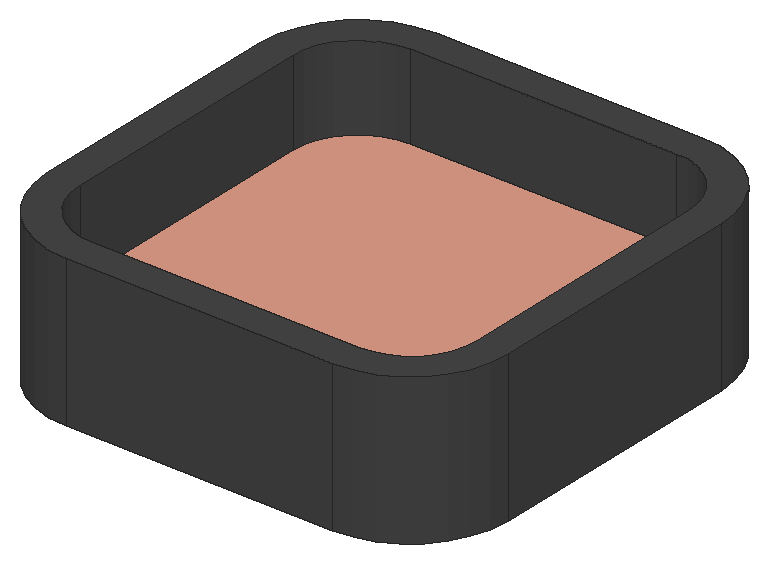
Revit family "VISS SQUARE LED LIGHT", category Lighting Fixtures, host Face, Revit 2020 (continued)
Types (65): name | Wattage Comments | Wattage | built-in parameter 1150134 | Surface Mount | Surface Acoustic Body | Photometric Web File | Order number | built-in parameter 1150142 | Model | built-in parameter 1150105 | Lumens | built-in parameter 1150107 | built-in parameter 1150106 | H1 | Fixture Width | Finish/Color | B2 | B1 | Apparent Load | Aircraft Cable Pendant Mount | Acoustic Body
  VSI-S-5032-40901-SMK-BK | "50 W" | 23.5624 W | 12 | yes | no | "VSI-S-5032-40901.IES" | "17640" | "IESNA:LM-63-2002\r\n[TEST] \r\n[DATE] 2019-08-21\r\n[MANUFAC] Aboveall lighting\r\n[LUMCAT] \r\n[LUMINAIRE] VSI-S-5032-40901\r\n[LAMPCAT] \r\n[LAMP] SAMSUNG 2835 4000K\r\nTILT=NONE\r\n1 4307.5 1.35 91 13 1 2 0.8 0.8 0.088 \r\n1 1 52.5\r\n0. 1. 2. 3. 4. 5. 6. 7. 8. 9. 10. 11. 12. 13. 14. 15. 16. 17. 18. 19. 20. 21. 22. 23. 24. 25. 26. 27. 28. 29. 30. 31. 32. 33. 34. 35. 36. 37. 38. 39. 40. 41. 42. 43. 44. 45. 46. 47. 48. 49. 50. 51. 52. 53. 54. 55. 56. 57. 58. 59. 60. 61. 62. 63. 64. 65. 66. 67. 68. 69. 70. 71. 72. 73. 74. 75. 76. 77. 78. 79. 80. 81. 82. 83. 84. 85. 86. 87. 88. 89. 90. \r\n0. 30. 60. 90. 120. 150. 180. 210. 240. 270. 300. 330. 360. \r\n856.032 858.511 858.865 858.865 858.511 857.803 857.448 856.032 854.97 853.554 852.138 851.076 848.598 846.12 842.933 841.163 839.393 835.853 833.729 829.835 825.232 822.754 817.444 812.133 808.947 803.283 800.096 793.016 786.29 782.749 776.023 768.942 765.402 757.259 749.117 744.869 736.372 727.521 722.919 713.714 709.112 699.553 689.995 680.082 675.48 669.815 659.549 654.238 643.617 634.059 628.04 617.42 612.109 595.824 590.514 585.203 574.228 568.918 557.589 546.615 540.95 530.329 519.001 513.336 501.299 489.617 483.244 470.499 449.612 449.612 433.681 416.333 406.775 387.303 376.329 351.193 333.81 293.062 248.384 225.762 181.367 158.745 75.691 70.911 52.148 21.454 11.4 1.912 2.018 2.195 2.372 \r\n856.032 854.262 854.616 854.97 854.97 854.616 854.262 853.554 852.492 851.784 850.014 848.598 847.536 845.058 842.579 841.517 838.331 835.499 833.375 829.481 825.586 823.108 818.506 816.382 811.425 808.593 802.929 797.264 794.078 787.706 784.873 776.023 775.315 764.694 760.8 756.905 749.117 745.223 736.372 728.229 723.627 714.776 705.926 701.677 692.473 682.914 677.958 668.399 658.486 653.176 643.263 632.643 627.686 617.066 611.755 601.134 589.452 584.141 572.812 567.148 555.819 549.801 538.118 526.081 519.709 507.318 500.591 487.138 472.977 465.189 440.761 440.761 422.706 402.172 390.844 365.0 337.917 322.835 287.752 245.977 224.133 180.199 136.512 76.363 73.92 39.863 27.295 10.125 0.46 0.425 0.425 \r\n856.032 854.616 854.616 854.616 854.262 853.908 853.2 852.846 852.138 851.43 850.014 848.244 847.182 845.058 843.642 840.809 839.039 835.853 832.313 830.189 826.648 824.17 819.922 817.444 812.487 807.177 804.345 798.68 792.308 789.122 782.749 775.669 772.482 765.048 757.613 753.719 746.285 737.788 733.54 724.689 715.838 711.59 702.386 698.137 688.933 684.33 674.772 665.213 659.903 649.99 644.68 639.369 623.438 618.482 607.861 602.551 591.576 579.539 573.875 562.9 557.235 545.552 533.516 527.851 515.814 503.778 497.405 484.306 470.853 465.897 449.612 433.681 433.681 405.713 395.092 372.08 346.732 331.332 301.027 282.972 243.498 201.511 180.517 140.088 121.147 102.03 47.723 47.723 3.257 0.602 0.46 \r\n856.032 854.97 854.616 853.554 852.846 852.138 851.076 849.306 847.536 846.474 844.35 842.933 839.747 836.207 834.791 830.897 828.772 824.878 820.276 817.798 812.487 806.823 803.991 798.326 791.6 784.873 776.023 774.961 771.42 763.986 756.197 751.949 743.806 739.558 730.353 725.751 716.901 707.342 702.74 693.181 688.225 678.312 668.399 663.089 653.176 647.866 631.935 626.27 620.96 609.631 604.321 592.284 580.955 575.645 564.316 552.633 535.994 535.994 524.665 519.001 508.026 496.697 491.033 479.704 473.685 462.003 449.966 443.593 430.14 415.625 406.775 389.782 380.577 361.46 351.193 325.42 269.413 269.413 227.532 206.609 166.25 146.637 77.0 72.717 56.184 14.019 5.381 0.46 0.425 0.425 0.46 \r\n856.032 856.386 856.032 854.97 854.262 853.554 852.492 850.368 850.014 847.89 846.474 844.35 841.517 840.455 837.269 833.375 831.605 827.356 823.108 821.338 816.382 811.425 808.593 803.283 797.618 794.432 791.246 784.165 777.793 770.712 766.818 759.738 751.595 748.409 744.161 736.018 727.167 722.919 718.671 705.218 700.615 691.411 686.454 676.896 666.275 661.673 651.76 646.804 636.183 630.518 620.606 609.985 598.656 593.7 582.371 571.396 565.732 554.403 542.366 537.056 525.019 512.982 506.964 493.865 487.492 475.102 468.375 465.897 442.885 435.805 420.582 412.439 395.446 375.975 365.708 343.05 330.978 304.638 290.194 256.172 217.478 197.086 155.028 117.182 99.729 64.999 46.625 46.625 0.814 0.566 0.46 \r\n856.032 856.032 854.97 853.908 853.2 851.43 849.306 848.244 846.12 842.933 841.871 838.331 837.269 833.375 829.481 827.002 822.754 820.63 815.674 811.071 808.593 802.929 800.096 794.078 787.706 784.165 776.023 774.961 767.526 764.34 756.197 748.409 744.515 732.124 727.875 723.627 714.776 705.926 701.323 691.765 682.56 677.604 668.045 658.132 653.176 643.263 632.643 626.978 616.357 610.693 600.072 589.098 583.433 572.812 567.148 555.819 550.155 538.826 533.162 521.479 509.796 503.778 491.741 485.368 472.977 459.878 452.09 438.283 423.414 407.837 399.694 381.639 361.814 351.228 328.11 315.507 287.645 253.34 234.223 194.678 175.065 136.547 117.926 76.257 46.448 30.977 7.753 0.46 0.425 0.425 0.46 \r\n856.032 858.157 857.448 856.74 856.032 854.616 853.908 852.846 850.722 849.66 846.828 845.766 842.933 839.747 837.977 834.437 832.667 828.772 824.524 822.046 817.09 814.611 808.947 803.283 800.45 794.078 790.892 784.165 780.625 773.545 766.11 761.862 753.719 749.471 741.328 732.832 728.229 719.379 709.82 700.615 695.305 686.1 676.188 671.231 660.965 655.654 645.033 634.413 629.102 617.774 612.109 601.134 590.16 584.495 573.166 567.856 556.881 550.863 539.888 528.205 522.895 511.566 505.548 493.865 482.536 476.872 466.251 454.568 448.55 436.513 423.768 417.041 403.234 387.657 379.515 362.168 362.168 333.775 322.694 307.081 252.243 212.203 192.059 153.116 135.061 116.439 58.343 47.864 9.205 0.566 0.46 \r\n856.032 853.2 852.846 851.784 850.368 850.014 848.244 847.182 845.058 842.933 841.871 839.393 837.623 834.437 830.897 829.126 825.586 823.108 821.338 814.257 811.425 806.469 801.158 798.326 792.662 789.476 783.103 776.731 770.004 766.464 759.03 755.489 747.701 740.266 736.018 727.875 723.273 715.13 705.572 700.969 692.473 687.871 678.312 668.753 663.797 653.884 648.928 638.661 633.705 623.792 613.171 607.861 596.886 586.265 581.309 570.334 558.297 552.633 541.304 529.267 523.603 511.92 499.883 493.511 480.766 475.102 465.897 449.966 442.531 428.016 420.228 403.588 385.533 375.975 354.025 342.979 319.189 306.125 277.237 241.339 222.115 182.394 162.639 124.758 89.25 71.867 47.581 14.657 2.124 2.053 2.053 \r\n856.032 853.554 852.846 852.138 851.43 850.014 849.306 847.182 845.412 843.996 841.871 839.747 837.269 834.437 832.313 828.772 827.002 822.4 820.276 815.674 811.071 808.239 802.929 800.096 794.432 788.06 784.873 776.377 776.023 768.942 761.862 757.967 750.179 742.744 734.602 730.353 721.149 716.901 708.404 698.845 694.243 684.684 674.772 669.815 659.549 654.592 644.325 639.015 628.394 617.774 612.109 601.134 595.824 584.849 572.812 567.502 556.527 551.217 534.224 534.224 522.895 511.566 505.548 493.511 480.766 474.393 460.941 446.426 438.637 422.706 404.651 394.738 372.434 350.06 337.315 310.586 296.213 263.607 224.947 204.839 165.046 145.681 76.611 72.611 56.184 29.242 18.338 2.691 1.77 1.912 2.053 \r\n856.032 855.324 855.324 855.324 854.97 854.616 853.554 853.554 852.138 850.722 849.66 847.89 846.12 844.704 842.579 839.747 837.623 834.083 830.543 828.418 824.17 821.692 816.736 813.903 808.593 802.929 800.096 793.37 790.184 783.811 776.731 773.545 765.756 761.508 753.719 745.577 741.328 732.478 727.875 719.025 709.112 704.51 694.597 683.622 678.666 668.399 657.424 652.468 641.493 630.872 625.208 614.233 608.569 597.948 586.619 581.309 571.042 565.378 554.403 543.782 537.41 531.746 521.125 509.796 498.821 493.511 482.182 476.164 465.897 465.897 446.426 432.264 424.476 408.191 390.49 380.931 359.689 333.067 316.392 277.449 232.807 211.636 170.463 131.202 112.226 76.611 76.611 48.324 9.346 1.912 2.018 \r\n856.032 856.386 856.74 856.74 856.74 856.032 855.324 854.97 853.908 852.492 851.784 849.66 847.536 846.12 843.642 840.455 839.039 835.853 831.959 829.835 825.586 820.984 818.86 813.549 810.717 805.407 802.575 796.556 790.538 787.352 776.023 773.899 770.358 763.278 759.738 751.595 747.347 739.558 735.31 726.813 717.609 713.36 704.156 694.243 689.641 679.728 669.815 664.505 653.884 643.617 637.599 626.624 615.649 610.339 599.01 588.035 582.725 571.75 566.086 554.757 549.093 537.764 525.727 519.709 506.964 500.591 487.138 480.058 464.481 448.196 439.345 420.582 410.315 388.719 364.646 337.775 323.402 292.283 253.765 233.019 190.713 169.755 129.679 75.62 73.389 42.341 19.082 11.541 1.841 1.947 2.018 \r\n856.032 857.095 857.448 857.803 858.157 857.803 857.803 857.448 857.095 856.032 856.032 853.554 851.784 851.784 848.952 847.89 845.058 842.225 840.809 837.269 835.499 831.605 829.835 825.232 820.63 818.152 812.841 807.531 804.345 798.68 792.308 789.122 782.395 775.315 771.774 764.694 756.905 753.011 744.869 740.974 732.478 723.981 719.733 710.882 706.28 696.721 687.162 682.206 672.647 667.691 662.735 652.468 642.201 636.891 626.624 616.357 610.693 600.072 588.39 583.079 571.396 559.714 553.695 542.012 528.913 523.603 509.796 496.343 489.617 475.102 466.251 466.251 434.035 424.476 403.942 380.931 368.54 341.988 327.438 294.195 274.688 232.24 188.695 167.064 124.511 101.57 64.645 47.793 7.328 2.053 2.372 \r\n856.032 858.511 858.865 858.865 858.511 857.803 857.448 856.032 854.97 853.554 852.138 851.076 848.598 846.12 842.933 841.163 839.393 835.853 833.729 829.835 825.232 822.754 817.444 812.133 808.947 803.283 800.096 793.016 786.29 782.749 776.023 768.942 765.402 757.259 749.117 744.869 736.372 727.521 722.919 713.714 709.112 699.553 689.995 680.082 675.48 669.815 659.549 654.238 643.617 634.059 628.04 617.42 612.109 595.824 590.514 585.203 574.228 568.918 557.589 546.615 540.95 530.329 519.001 513.336 501.299 489.617 483.244 470.499 449.612 449.612 433.681 416.333 406.775 387.303 376.329 351.193 333.81 293.062 248.384 225.762 181.367 158.745 75.691 70.911 52.148 21.454 11.4 1.912 2.018 2.195 2.372 \r\n" | "VSI-S-5032-40901-SMK-BK" | 278.52 (stored number, unit not read) | 3500 lm | 4000 (stored number, unit not read) | 2.7852 (stored number, unit not read) | 5' - 0.15864" | 2' - 7 1/2" | Black | 0' - 11 3/4" | 1' - 3 1/4" | 62.5 VA | no | no
  VSI-S-LA-1514-30901-SMK-WH-NSAC-021 130 | "15 W" | 7.06871 W | (empty or 0) | yes | yes | "generic" | "17641" | (empty or 0) | "VSI-S-LA-1514-30901-SMK-WH-NSAC-021 130" | 83.556 (stored number, unit not read) | 1050 lm | 3000 (stored number, unit not read) | 0.83556 (stored number, unit not read) | 4' - 11.08136" | 1' - 2 51/256" | White | 0' - 3.09961" | 0' - 6.59961" | 18.75 VA | no | no
  VSI-S-LA-2518-30901-SMK-WH-NSAC-021 130 | "25 W" | 11.7812 W | (empty or 0) | yes | yes | "generic" | "17642" | (empty or 0) | "VSI-S-LA-2518-30901-SMK-WH-NSAC-021 130" | 139.26 (stored number, unit not read) | 1750 lm | 3000 (stored number, unit not read) | 1.3926 (stored number, unit not read) | 4' - 11.19898" | 1' - 5 179/256" | White | 0' - 4.84961" | 0' - 8.34961" | 31.25 VA | no | no
  VSI-S-LA-3624-30901-SMK-WH-NSAC-021 130 | "36 W" | 16.9649 W | (empty or 0) | yes | yes | "generic" | "17643" | (empty or 0) | "VSI-S-LA-3624-30901-SMK-WH-NSAC-021 130" | 200.54 (stored number, unit not read) | 2520 lm | 3000 (stored number, unit not read) | 2.0054 (stored number, unit not read) | 4' - 11.51346" | 1' - 11 77/128" | White | 0' - 7 205/256" | 0' - 11 77/256" | 31.25 VA | no | no
  VSI-S-LA-5032-30901-SMK-WH-NSAC-021 130 | "50 W" | 23.5624 W | (empty or 0) | yes | yes | "generic" | "17644" | (empty or 0) | "VSI-S-LA-5032-30901-SMK-WH-NSAC-021 130" | 278.52 (stored number, unit not read) | 3500 lm | 3000 (stored number, unit not read) | 2.7852 (stored number, unit not read) | 5' - 0.15864" | 2' - 7 1/2" | White | 0' - 11 3/4" | 1' - 3 1/4" | 62.5 VA | no | no
  VSI-S-LA-1514-30901-SMK-BK-NSAC-021 130 | "15 W" | 7.06871 W | (empty or 0) | yes | yes | "generic" | "17645" | (empty or 0) | "VSI-S-LA-1514-30901-SMK-BK-NSAC-021 130" | 83.556 (stored number, unit not read) | 1050 lm | 3000 (stored number, unit not read) | 0.83556 (stored number, unit not read) | 4' - 11.08136" | 1' - 2 51/256" | Black | 0' - 3.09961" | 0' - 6.59961" | 18.75 VA | no | no
  VSI-S-LA-2518-30901-SMK-BK-NSAC-021 130 | "25 W" | 11.7812 W | (empty or 0) | yes | yes | "generic" | "17646" | (empty or 0) | "VSI-S-LA-2518-30901-SMK-BK-NSAC-021 130" | 139.26 (stored number, unit not read) | 1750 lm | 3000 (stored number, unit not read) | 1.3926 (stored number, unit not read) | 4' - 11.19898" | 1' - 5 179/256" | Black | 0' - 4.84961" | 0' - 8.34961" | 31.25 VA | no | no
  VSI-S-LA-3624-30901-SMK-BK-NSAC-021 130 | "36 W" | 16.9649 W | (empty or 0) | yes | yes | "generic" | "17647" | (empty or 0) | "VSI-S-LA-3624-30901-SMK-BK-NSAC-021 130" | 200.54 (stored number, unit not read) | 2520 lm | 3000 (stored number, unit not read) | 2.0054 (stored number, unit not read) | 4' - 11.51346" | 1' - 11 77/128" | Black | 0' - 7 205/256" | 0' - 11 77/256" | 31.25 VA | no | no
  VSI-S-LA-5032-30901-SMK-BK-NSAC-021 130 | "50 W" | 23.5624 W | (empty or 0) | yes | yes | "generic" | "17648" | (empty or 0) | "VSI-S-LA-5032-30901-SMK-BK-NSAC-021 130" | 278.52 (stored number, unit not read) | 3500 lm | 3000 (stored number, unit not read) | 2.7852 (stored number, unit not read) | 5' - 0.15864" | 2' - 7 1/2" | Black | 0' - 11 3/4" | 1' - 3 1/4" | 62.5 VA | no | no
  VSI-S-LA-1514-40901-SMK-WH-NSAC-021 130 | "15 W" | 7.06871 W | 12 | yes | yes | "generic" | "17649" | (empty or 0) | "VSI-S-LA-1514-40901-SMK-WH-NSAC-021 130" | 83.556 (stored number, unit not read) | 1050 lm | 4000 (stored number, unit not read) | 0.83556 (stored number, unit not read) | 4' - 11.08136" | 1' - 2 51/256" | White | 0' - 3.09961" | 0' - 6.59961" | 18.75 VA | no | no
  VSI-S-LA-1514-40901-SMK-BK-NSAC-021 130 | "15 W" | 7.06871 W | 12 | yes | yes | "generic" | "17653" | (empty or 0) | "VSI-S-LA-1514-40901-SMK-BK-NSAC-021 130" | 83.556 (stored number, unit not read) | 1050 lm | 4000 (stored number, unit not read) | 0.83556 (stored number, unit not read) | 4' - 11.08136" | 1' - 2 51/256" | Black | 0' - 3.09961" | 0' - 6.59961" | 18.75 VA | no | no
  VSI-S-LA-2518-40901-SMK-WH-NSAC-021 130 | "25 W" | 11.7812 W | 12 | yes | yes | "generic" | "17650" | (empty or 0) | "VSI-S-LA-2518-40901-SMK-WH-NSAC-021 130" | 139.26 (stored number, unit not read) | 1750 lm | 4000 (stored number, unit not read) | 1.3926 (stored number, unit not read) | 4' - 11.19898" | 1' - 5 179/256" | White | 0' - 4.84961" | 0' - 8.34961" | 31.25 VA | no | no
  VSI-S-LA-2518-40901-SMK-BK-NSAC-021 130 | "25 W" | 11.7812 W | 12 | yes | yes | "generic" | "17654" | (empty or 0) | "VSI-S-LA-2518-40901-SMK-BK-NSAC-021 130" | 139.26 (stored number, unit not read) | 1750 lm | 4000 (stored number, unit not read) | 1.3926 (stored number, unit not read) | 4' - 11.19898" | 1' - 5 179/256" | Black | 0' - 4.84961" | 0' - 8.34961" | 31.25 VA | no | no
  VSI-S-LA-3624-40901-SMK-WH-NSAC-021 130 | "36 W" | 16.9649 W | 12 | yes | yes | "generic" | "17651" | (empty or 0) | "VSI-S-LA-3624-40901-SMK-WH-NSAC-021 130" | 200.54 (stored number, unit not read) | 2520 lm | 4000 (stored number, unit not read) | 2.0054 (stored number, unit not read) | 4' - 11.51346" | 1' - 11 77/128" | White | 0' - 7 205/256" | 0' - 11 77/256" | 31.25 VA | no | no
  VSI-S-LA-5032-40901-SMK-WH-NSAC-021 130 | "50 W" | 23.5624 W | 12 | yes | yes | "generic" | "17652" | (empty or 0) | "VSI-S-LA-5032-40901-SMK-WH-NSAC-021 130" | 278.52 (stored number, unit not read) | 3500 lm | 4000 (stored number, unit not read) | 2.7852 (stored number, unit not read) | 5' - 0.15864" | 2' - 7 1/2" | White | 0' - 11 3/4" | 1' - 3 1/4" | 62.5 VA | no | no
  VSI-S-LA-3624-40901-SMK-BK-NSAC-021 130 | "36 W" | 16.9649 W | 12 | yes | yes | "generic" | "17655" | (empty or 0) | "VSI-S-LA-3624-40901-SMK-BK-NSAC-021 130" | 200.54 (stored number, unit not read) | 2520 lm | 4000 (stored number, unit not read) | 2.0054 (stored number, unit not read) | 4' - 11.51346" | 1' - 11 77/128" | Black | 0' - 7 205/256" | 0' - 11 77/256" | 31.25 VA | no | no
  VSI-S-LA-5032-40901-SMK-BK-NSAC-021 130 | "50 W" | 23.5624 W | 12 | yes | yes | "generic" | "17656" | (empty or 0) | "VSI-S-LA-5032-40901-SMK-BK-NSAC-021 130" | 278.52 (stored number, unit not read) | 3500 lm | 4000 (stored number, unit not read) | 2.7852 (stored number, unit not read) | 5' - 0.15864" | 2' - 7 1/2" | Black | 0' - 11 3/4" | 1' - 3 1/4" | 62.5 VA | no | no
